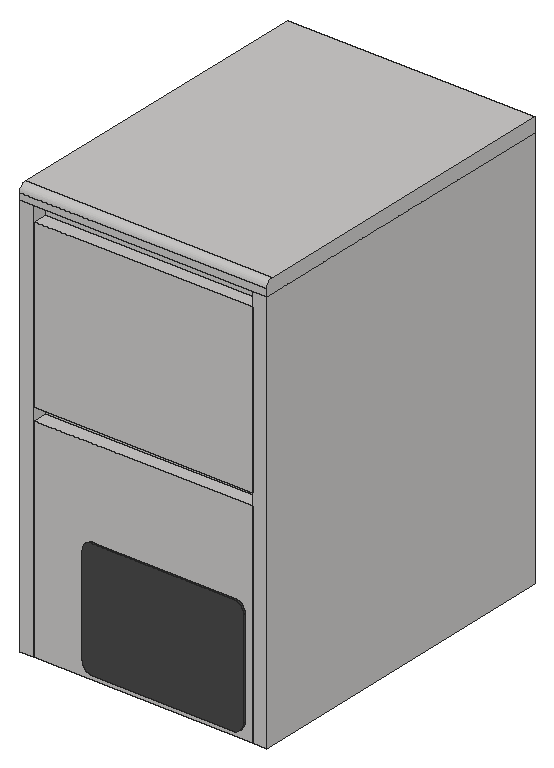
Revit family "QF_ELECTROLUXPROFESSIONAL_730300_ICA22I6SNP", category Attrezzature speciali, Revit 2018
Family settings
  Quota connettore circolare = Usa diametro
  Tipo di parte = Normale
  Basato su piano di lavoro = No
  Sempre verticale = Sì
  Taglio con vuoti quando caricato = No
  Condiviso = No
  Punto di calcolo locali = No
Parameters (values of type "Standard")
  Weight = 32.00 kg
  Watts = 1000 W
  Volts = 220 V
  URL Manufacturer = "https://www.electroluxprofessional.com/"
  URL = "https://www.electroluxprofessional.com/"
  Steam Supply Size = 0 mm
  Steam Supply Minimum Pressure = 0.0 Pa
  Steam Supply Maximum Pressure = 0.0 Pa
  Steam Pounds per Hour = 0
  Show Logo [instance] = yes
  Show Clearance [instance] = yes
  Refrigeration Suction Line Size = 0 mm
  Refrigeration Liquid Line Size = 0 mm
  Refrigerant Compressor Remote = yes
  Produttore = "Electrolux Professional"
  Phase = 1
  Modello = "ICA22I6SNP"
  Length Actual = 350 mm  # constant formula
  Item Number = "730300"
  Hot Water Size = 0 mm
  Height Actual = 601 mm  # constant formula
  HP = "1.3 HP"
  Gas Size = 0 mm
  Gas KW = 0
  Gas Input Pressure = 0 W
  Descrizione = "AIR COOLED ICE CUBER 14GR 22KG/24H-BIN 6KG"
  Depth Actual = 475 mm  # constant formula
  Cycle = 50 Hz
  Condensate Return Size = 0 mm
  Compressed Air Volume = 0.0 L/s
  Compressed Air Size = 0 mm
  Compressed Air Pressure = 0.0 Pa
  Cold Water Size = 19.05 mm
  Accessory = yes
Reference planes
  plane 1 "Center X": y = 272.851
  plane 2: z = 0
  plane 3 "Center Y": x = -501.5
  plane 4 "LEFT": x = -676.5
  plane 5 "RIGHT": x = -326.5
  plane 6 "FRONT": y = 35.351
  plane 7 "BACK": y = 510.351
  plane 8: z = 593
  plane 9: z = 573
  plane 10: x = -656.5
  plane 11: x = -346.5
  plane 12: y = 75.351
Forms (mm)
  Extrusion 1, solid, material "QF_Finishes_Black"
    sketch origin (-202.5, 35.351, 229.513) x (-1, 0, 0) y (0, 0, -1)
      loop
        arc (369, 54.513) -> (379.607, 58.907) -> (384, 69.513) r 15
        line (384, 69.513) -> (384, 207.469)
        arc (384, 207.469) -> (379.607, 218.075) -> (369, 222.469) r 15
        line (369, 222.469) -> (169.884, 222.469)
        arc (169.884, 222.469) -> (159.277, 218.075) -> (154.884, 207.469) r 15
        line (154.884, 207.469) -> (154.884, 69.513)
        arc (154.884, 69.513) -> (159.277, 58.907) -> (169.884, 54.513) r 15
        line (169.884, 54.513) -> (369, 54.513)
    from 0 to 2
  Extrusion 2, solid, material "QF_Finishes_Stainless Steel"
    sketch origin (-501.5, 0, 0) x (0, 1, 0) y (0, 0, 1)
      loop
        line (510.351, 573) -> (510.351, 593) -> (45.351, 593)
        arc (45.351, 593) -> (38.28, 590.071) -> (35.351, 583) r 10
        line (35.351, 583) -> (35.351, 573) -> (510.351, 573)
    from -175 to 175
  Extrusion 3, solid, material "QF_Finishes_Stainless Steel"
    sketch origin (-246.7, 510.351, -335.545) x (1, 0, 0) y (0, 0, -1)
      loop
        circle (-131.8, -500.545) r 10
    from 0 to 10
  Extrusion 4, solid, material "QF_Finishes_Stainless Steel"
    sketch origin (0, 0, 0) x (1, 0, 0) y (0, 1, 0)
      loop
        line (-676.5, 510.351) -> (-676.5, 35.351) -> (-656.5, 35.351) -> (-656.5, 510.351) -> (-676.5, 510.351)
    from 0 to 573
  Extrusion 5, solid, material "QF_Finishes_Stainless Steel"
    sketch origin (0, 0, 0) x (1, 0, 0) y (0, 1, 0)
      loop
        line (-346.5, 510.351) -> (-346.5, 35.351) -> (-326.5, 35.351) -> (-326.5, 510.351) -> (-346.5, 510.351)
    from 0 to 573
  Extrusion 6, solid, material "QF_Finishes_Stainless Steel"
    sketch origin (0, 0, 0) x (1, 0, 0) y (0, 1, 0)
      loop
        line (-656.5, 510.351) -> (-656.5, 75.351) -> (-346.5, 75.351) -> (-346.5, 510.351) -> (-656.5, 510.351)
    from 0 to 573
  Extrusion 7, solid, material "QF_Finishes_Stainless Steel"
    sketch origin (0, 0, 0) x (1, 0, 0) y (0, 1, 0)
      loop
        line (-656.5, 35.351) -> (-346.5, 35.351) -> (-346.5, 75.351) -> (-656.5, 75.351) -> (-656.5, 35.351)
    from 0 to 300.513
  Extrusion 8, solid, material "QF_Finishes_Stainless Steel"
    sketch origin (-501.5, 0, 0) x (0, 1, 0) y (0, 0, 1)
      loop
        line (75.351, 573) -> (55.351, 573) -> (55.351, 553) -> (35.351, 553) -> (35.351, 317.827) -> (55.351, 317.827) -> (55.351, 300.513) -> (75.351, 300.513) -> (75.351, 573)
    from -155 to 155
  Extrusion 9, solid, material "QF_Finishes_Stainless Steel"
    sketch origin (-238.7, 510.351, -454.545) x (1, 0, 0) y (0, 0, -1)
      loop
        circle (-131.8, -500.545) r 10
    from 0 to 10
  Extrusion 10, solid, material "QF_Finishes_Stainless Steel"
    sketch origin (-238.7, 510.351, -414.545) x (1, 0, 0) y (0, 0, -1)
      loop
        circle (-131.8, -500.545) r 10
    from 0 to 10
Lines and regions (mm)
  Split face 1
    outline origin (-656.5, 35.351, 0) x (1, 0, 0) y (0, 0, 1)
      loop
        line (12.141, 175) -> (12.141, 147.424) -> (57.141, 147.424) -> (57.141, 175) -> (12.141, 175)
  symbolic lines
    curve 1: line (-676.5, 510.351, 0) -> (-326.5, 510.351, 0)
    curve 2: line (-676.5, 35.351, 0) -> (-676.5, 510.351, 0)
    curve 3: line (-326.5, 35.351, 0) -> (-676.5, 35.351, 0)
    curve 4: line (-326.5, 510.351, 0) -> (-326.5, 35.351, 0)
Dimensions and locks
  equal spacing: plane 4 "LEFT", plane 3 "Center Y", plane 5 "RIGHT"
  plane 4 "LEFT" to plane 5 "RIGHT" = 350 mm
  equal spacing: plane 7 "BACK", plane 1 "Center X", plane 6 "FRONT"
  plane 7 "BACK" to plane 6 "FRONT" = 475 mm
  plane 8 to plane 2 = 593 mm
  locked: plane 4 "LEFT" to plane 10 at 20
  locked: plane 11 to plane 5 "RIGHT" at 20
  locked: plane 8 to plane 9 at 20
  locked: plane 12 to plane 6 "FRONT" at 40
  aligned and locked: level to plane 2
  aligned and locked: plane 5 "RIGHT" to Extrusion 2
  aligned and locked: Extrusion 2 to plane 4 "LEFT"
  aligned and locked: Extrusion 4 sketch curve to Extrusion 2  (x2)
  aligned and locked: plane 6 "FRONT" to Extrusion 4 sketch curve
  aligned and locked: Extrusion 4 sketch curve to plane 10
  aligned and locked: Extrusion 5 sketch curve to plane 7 "BACK"
  aligned and locked: plane 11 to Extrusion 5 sketch curve
  aligned and locked: Extrusion 5 sketch curve to Extrusion 2  (x2)
  aligned and locked: plane 9 to Extrusion 4
  aligned and locked: plane 9 to Extrusion 5
  aligned and locked: Extrusion 6 sketch curve to Extrusion 4
  aligned and locked: Extrusion 4 to Extrusion 6 sketch curve
  aligned and locked: plane 12 to Extrusion 6 sketch curve
  aligned and locked: Extrusion 6 sketch curve to plane 11
  aligned and locked: plane 9 to Extrusion 6
  aligned and locked: Extrusion 4 to Extrusion 7 sketch curve
  aligned and locked: Extrusion 7 sketch curve to Extrusion 4
  aligned and locked: plane 12 to Extrusion 7 sketch curve
  aligned and locked: plane 11 to Extrusion 7 sketch curve
  aligned and locked: plane 11 to Extrusion 8
  aligned and locked: Extrusion 8 to plane 10
Automatic sketch dimensions
  curve 3 to plane 4 "LEFT" = 0 mm
  curve 3 to plane 5 "RIGHT" = 0 mm
  curve 3 to plane 6 "FRONT" = 0 mm
  curve 2 to plane 7 "BACK" = 0 mm
  Extrusion 1 sketch curve to plane 11 = 10.884 mm
  Extrusion 1 sketch curve to Extrusion 1 sketch curve = 15 mm  (x3)
  plane 10 to Extrusion 1 sketch curve = 85 mm  (x2)
  Extrusion 1 sketch curve to Extrusion 1 sketch curve = 137.956 mm
  Extrusion 2 sketch curve to plane 6 "FRONT" = 0 mm
  Extrusion 2 sketch curve to plane 8 = 0 mm
  Extrusion 2 sketch curve to plane 7 "BACK" = 0 mm
  Extrusion 2 sketch curve to plane 9 = 0 mm
  plane 6 "FRONT" to Extrusion 2 sketch curve = 10 mm
  Extrusion 6 to Extrusion 3 sketch curve = 165 mm
  Extrusion 3 sketch curve to Extrusion 6 = 32 mm
  Extrusion 8 sketch curve to plane 6 "FRONT" = 0 mm
  Extrusion 8 sketch curve to plane 9 = 0 mm
  Extrusion 8 sketch curve to plane 12 = 0 mm
  plane 6 "FRONT" to Extrusion 8 sketch curve = 20 mm  (x2)
  Extrusion 8 sketch curve to plane 9 = 20 mm
  Extrusion 8 sketch curve to Extrusion 8 sketch curve = 235.173 mm
  Extrusion 8 sketch curve to Extrusion 8 sketch curve = 17.313 mm
  Extrusion 9 sketch curve to Extrusion 6 = 24 mm
  Extrusion 6 to Extrusion 9 sketch curve = 46 mm
  Extrusion 10 sketch curve to Extrusion 6 = 24 mm
  Extrusion 6 to Extrusion 10 sketch curve = 86 mm
  level to Extrusion 1 sketch curve = 175 mm
  Split face 1 sketch curve to Extrusion 7 = 12.141 mm
  Split face 1 sketch curve to Split face 1 sketch curve = 45 mm
  Split face 1 sketch curve to Extrusion 7 = 147.424 mm
  Split face 1 sketch curve to Split face 1 sketch curve = 27.576 mm
  radius of Extrusion 3 sketch curve = 10 mm
  radius of Extrusion 9 sketch curve = 10 mm
  radius of Extrusion 10 sketch curve = 10 mm
Connectors
  electrical at (-370.5, 520.351, 46), driven by "Volts"
    settings: on Extrusion 9, index 1, voltage 220 V, apparent load 0 VA, apparent load phase1 0 VA, apparent load phase2 0 VA, apparent load phase3 0 VA, power factor 1, load classification "Altro", number of poles 1, system type 30, power factor state 1, is connector primary yes, connector utility no, sub classification motor no, connector description "Electrical Connection"
  piping at (-378.5, 520.351, 165), diameter 20
    settings: on Extrusion 3, index 2, connector inside diameter 609.6 mm, connector length 0 mm, flow factor 0, pipe flow 0.0 L/s, pressure drop 0.0 Pa, fitting loss kfactor 0, connector angle 0.00°, fixture units 0, engagement length 0 mm, angle of deflection 0.00°, flow configuration 0, flow direction 0, fitting loss method 0, system type 20, joint type 0, gender type 0, connector reference index -1, connector utility 0, adjustable connector no, is connector primary yes, connector description "Cold water"
  piping at (-370.5, 520.351, 86), diameter 20
    settings: on Extrusion 10, index 3, connector inside diameter 609.6 mm, connector length 0 mm, flow factor 0, pipe flow 0.0 L/s, pressure drop 0.0 Pa, fitting loss kfactor 0, connector angle 0.00°, fixture units 0, engagement length 0 mm, angle of deflection 0.00°, flow configuration 0, flow direction 0, fitting loss method 0, system type 16, joint type 0, gender type 0, connector reference index -1, connector utility 0, adjustable connector no, is connector primary no, connector description "Drain"
